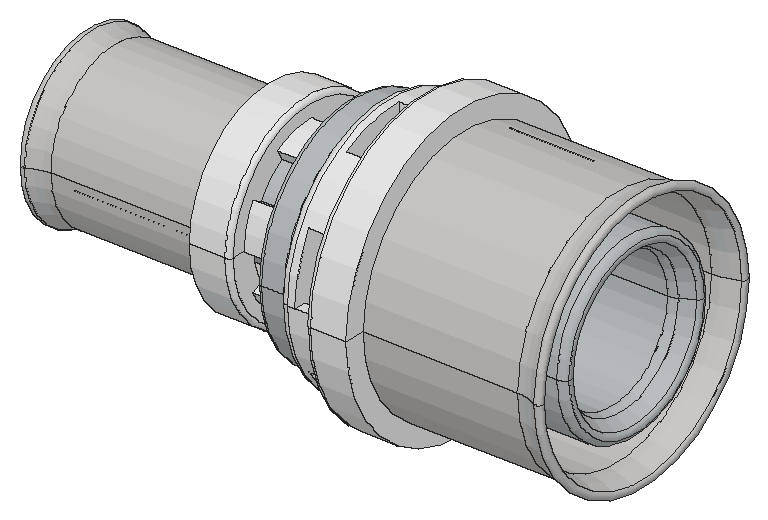
Revit family "VTm_203пп_СоединительПресс_ПрямойПереходной", category Соединительные детали трубопроводов, Revit 2017
Family settings
  Размер круглого соединителя = Использовать диаметр
  Тип детали = Переход
  На основе рабочей плоскости = Нет
  Всегда вертикально = Да
  При загрузке вырезать с полостями = Нет
  Общий = Нет
Parameters (values of type "все существующие типоразмеры подбираются автоматически")
  Стоимость = 0
  РадФаски = 0.53 mm  # constant formula
  РадТела [instance] = size_lookup(DB1, "ST3", 0.00 mm, DN1, DN2)  # 13.00 mm
  РадБазы [instance] = (DN1 + DN2) / 8  # 5.25 mm
  Описание = "Служит для соединения труб, разного диаметра, металлополимерных, или РЕХ, или PE труб от DN16 до DN40"  # constant formula
  Имя, размер [instance] = ADSK_Наименование  # "Соединитель пресс прямой 26х16 VTm.203"
  Вид2 [instance] = and(DN2 > DN1)  # yes
  Вид1 [instance] = and(DN1 > DN2)  # no
  Z [instance] = if(DN1 > DN2, 2 * DN1, 2 * DN2)  # 52.00 mm
  VT_Цена базовая [instance] = size_lookup(DB3, "ST1", 0, DN1, DN2)  # 245
  VT_symbol [instance] = Асфальт, дорожное покрытие
  VT_body = Цинк
  VT_ring = Пластмасса, непрозрачная, белая
  VT_sleeve = Нержавеющая сталь
  Комментарии к типоразмеру = "Модель разработана по заказу ВЕСТА Регионы, автор Михаил Кузьмин НПО Инкомис, правообладатель ВЕСТА Регионы"  # constant formula
  Изготовитель = "VALTEC"  # constant formula
  Гильза40 = VTm_203пп_Гильза_от_16_до_40 : 40
  Гильза32 = VTm_203пп_Гильза_от_16_до_40 : 32
  Гильза26 = VTm_203пп_Гильза_от_16_до_40 : 26
  Гильза20 = VTm_203пп_Гильза_от_16_до_40 : 20
  Гильза2 [instance] = if(DN2 = 16.00 mm, Гильза16, if(DN2 = 20.00 mm, Гильза20, if(DN2 = 26.00 mm, Гильза26, if(DN2 = 32.00 mm, Гильза32, Гильза40))))  # VTm_203пп_Гильза_от_16_до_40 : 26
  Гильза16 = VTm_203пп_Гильза_от_16_до_40 : 16
  Гильза1 [instance] = if(DN1 = 16.00 mm, Гильза16, if(DN1 = 20.00 mm, Гильза20, if(DN1 = 26.00 mm, Гильза26, if(DN1 = 32.00 mm, Гильза32, Гильза40))))  # VTm_203пп_Гильза_от_16_до_40 : 16
  URL = "http://valtec.ru/catalog/sistemy_metallopolimernyh_i_polimernyh_truboprovodov/press_fitingi/press_fiting_vtm203n.html"
  DN2 [instance] = 26.00 mm
  DN1 [instance] = 16.00 mm
  ТолщинаТела [instance] = size_lookup(DB1, "ST2", 0.00 mm, DN1, DN2)  # 3.50 mm
  ДлинаБазы [instance] = size_lookup(DB1, "ST1", 0.00 mm, DN1, DN2)  # 7.10 mm
  DB4 = "VTm_203пп_МассаТекст"  # constant formula
  DB3 = "VTm_203пп_Артикул_Цена"  # constant formula
  DB2 = "VTm_203пп_Позиция_Масса"  # constant formula
  DB1 = "VTm_203пп_Наименование_Размеры"  # constant formula
  ADSK_Примечание [instance] = ""
  ADSK_Позиция [instance] = size_lookup(DB2, "", "Такого типоразмера не существует", DN1, DN2)  # "203.2616"
  ADSK_Обозначение [instance] = size_lookup(DB3, "", "Такого типоразмера не существует", DN1, DN2)  # "VTm.203.N.002616"
  ADSK_Наименование [instance] = size_lookup(DB1, "", "Такого типоразмера не существует", DN1, DN2)  # "Соединитель пресс прямой 26х16 VTm.203"
  ADSK_Масса_Текст [instance] = size_lookup(DB4, "", " ", DN1, DN2)  # "0,093"
  ADSK_Масса [instance] = size_lookup(DB2, "m", 0, DN1, DN2)  # 0.093
  ADSK_Завод-изготовитель = "VALTEC"  # constant formula
  ADSK_Единица измерения = "шт"  # constant formula
  ADSK_Версия семейства = "01.01"  # constant formula
  ADSK_Версия Revit = "2017"  # constant formula
Reference planes
  plane 1 "По центру (Вперед/Назад)": y = 0
  plane 2: z = 0
  plane 3 "По центру (Влево/Вправо)": x = 0
  plane 4: x = -3.55
  plane 5: x = 3.55
  plane 6: x = -1.75
  plane 7: x = 1.75
  plane 8: y = -13
  plane 9: x = -19.55
  plane 10: x = -35.55
  plane 11: x = 29.55
  plane 12: x = 55.55
  plane 13: y = 16
  plane 14: y = -16
  plane 15: y = 26
  plane 16: y = -26
  plane 17: z = -0.4
  plane 18: z = 0.4
  plane 19: y = 52
  plane 20: y = -52
  plane 21: y = 13
Forms (mm)
  Extrusion 1, solid, not visible
    sketch origin (0, 0, 0) x (0, 1, 0) y (0, 0, 1)
      loop
        circle (0, 0) r 5.25
    from -3.55 to 3.55
  Revolve 2, solid, material "Цинк" <- "VT_body", detail levels fine
    sketch origin (0, 0, 0) x (1, 0, 0) y (0, 1, 0)
      loop
        line (-1.22, -13) -> (1.22, -13)
        arc (1.22, -13) -> (1.595, -12.845) -> (1.75, -12.47) r 0.53
        line (1.75, -12.47) -> (1.75, 0) -> (-1.75, 0) -> (-1.75, -12.47)
        arc (-1.75, -12.47) -> (-1.595, -12.845) -> (-1.22, -13) r 0.53
      axis (-1.75, 0) -> (1.75, 0)
    angle from 0 to 360
  Extrusion 3, solid, material "Асфальт, дорожное покрытие" <- "VT_symbol", visible <- "Вид1", detail levels coarse
    sketch origin (0, 0, 0) x (1, 0, 0) y (0, 1, 0)
      loop
        line (-35.55, 52) -> (-35.55, -52) -> (55.55, 0) -> (-35.55, 52)
    from -0.4 to 0.4
  Extrusion 4, solid, material "Асфальт, дорожное покрытие" <- "VT_symbol", visible <- "Вид2", detail levels coarse
    sketch origin (0, 0, 0) x (1, 0, 0) y (0, 1, 0)
      loop
        line (55.55, 52) -> (-35.55, 0) -> (55.55, -52) -> (55.55, 52)
    from -0.4 to 0.4
Lines and regions (mm)
  model lines, style "VT_symbol", detail levels medium
    curve 1: line (-35.55, 16, 0) -> (-3.55, -16, 0)
    curve 2: line (-35.55, -16, 0) -> (-3.55, 16, 0)
    curve 3: line (3.55, -26, 0) -> (55.55, 26, 0)
    curve 4: line (3.55, 26, 0) -> (55.55, -26, 0)
    curve 6: line (0, 13, 0) -> (0, -13, 0)
  model lines, style "PipeFittingCenterLine", detail levels fine
    curve 5: line (-3.55, 0, 0) -> (3.55, 0, 0)
Dimensions and locks
  equal spacing: plane 4, plane 3 "По центру (Влево/Вправо)", plane 5
  "ДлинаБазы": plane 4 to plane 5
  equal spacing: plane 6, plane 3 "По центру (Влево/Вправо)", plane 7
  "ТолщинаТела": plane 6 to plane 7
  "РадТела": plane 8 to plane 1 "По центру (Вперед/Назад)"
  equal spacing: plane 10, plane 9, plane 4
  equal spacing: plane 5, plane 11, plane 12
  "DN1": plane 9 to plane 4
  "DN2": plane 5 to plane 11
  equal spacing: plane 13, plane 1 "По центру (Вперед/Назад)", plane 14
  "DN1": plane 13 to plane 1 "По центру (Вперед/Назад)"
  equal spacing: plane 15, plane 1 "По центру (Вперед/Назад)", plane 16
  "DN2": plane 16 to plane 1 "По центру (Вперед/Назад)"
  equal spacing: plane 18, plane 2, plane 17, locked at 0.4 each
  plane 18 to plane 2 = 0.40 mm
  equal spacing: plane 19, plane 1 "По центру (Вперед/Назад)", plane 20
  "Z": plane 19 to plane 1 "По центру (Вперед/Назад)"
  equal spacing: plane 8, plane 1 "По центру (Вперед/Назад)", plane 21
  "РадБазы": radius of Extrusion 1 sketch curve
  "РадФаски": radius of Revolve 2 sketch curve  (x2)
  aligned and locked: level to plane 2
  aligned and locked: Extrusion 1 to plane 4
  aligned and locked: plane 5 to Extrusion 1
  aligned and locked: plane 1 "По центру (Вперед/Назад)" to Extrusion 1 sketch curve
  aligned and locked: plane 2 to Extrusion 1 sketch curve
  aligned and locked: nested 2 to plane 1 "По центру (Вперед/Назад)"
  aligned and locked: nested 1 to plane 1 "По центру (Вперед/Назад)"
  aligned and locked: plane 2 to nested 2
  aligned and locked: nested 1 to plane 2
  aligned and locked: Revolve 2 sketch curve to plane 7
  aligned and locked: plane 1 "По центру (Вперед/Назад)" to Revolve 2 sketch curve  (x2)
  aligned and locked: Revolve 2 sketch curve to plane 2
  aligned and locked: plane 7 to Revolve 2 sketch curve
  aligned and locked: plane 6 to Revolve 2 sketch curve  (x2)
  aligned and locked: Revolve 2 sketch curve to Revolve 2 sketch curve
  aligned and locked: plane 16 to curve 4
  aligned and locked: plane 12 to curve 4
  aligned and locked: curve 3 to plane 15
  aligned and locked: plane 12 to curve 3
  aligned and locked: plane 5 to curve 5
  aligned and locked: plane 4 to curve 5
  aligned and locked: plane 1 "По центру (Вперед/Назад)" to curve 5
  aligned and locked: plane 10 to Extrusion 3 sketch curve
  aligned and locked: plane 12 to Extrusion 3 sketch curve
  aligned and locked: plane 1 "По центру (Вперед/Назад)" to Extrusion 3 sketch curve
  aligned and locked: plane 19 to Extrusion 3 sketch curve
  aligned and locked: plane 20 to Extrusion 3 sketch curve
  aligned and locked: Extrusion 3 to plane 17
  aligned and locked: Extrusion 3 to plane 18
  aligned and locked: plane 12 to Extrusion 4 sketch curve
  aligned and locked: plane 20 to Extrusion 4 sketch curve
  aligned and locked: plane 19 to Extrusion 4 sketch curve
  aligned and locked: Extrusion 3 to Extrusion 4 sketch curve
  aligned and locked: Extrusion 4 to plane 18
  aligned and locked: Extrusion 4 to plane 17
  aligned and locked: nested 4 to plane 1 "По центру (Вперед/Назад)"
  aligned and locked: nested 3 to plane 1 "По центру (Вперед/Назад)"
  aligned and locked: nested 4 to plane 2
  aligned and locked: nested 3 to plane 2
  aligned and locked: Revolve 2 sketch curve to plane 8
  aligned and locked: plane 4 to curve 1
  aligned and locked: plane 14 to curve 1
  aligned and locked: plane 4 to curve 2
  aligned and locked: plane 13 to curve 2
  aligned and locked: curve 6 to plane 3 "По центру (Влево/Вправо)"
  aligned and locked: plane 8 to curve 6
  aligned and locked: plane 15 to curve 4
  aligned and locked: plane 5 to curve 4
  aligned and locked: plane 16 to curve 3
  aligned and locked: plane 5 to curve 3
Automatic sketch dimensions
  plane 4 to Revolve 2 sketch curve = 1.80 mm
  Revolve 2 sketch curve to plane 5 = 1.80 mm
  plane 1 "По центру (Вперед/Назад)" to Extrusion 4 sketch curve = 0.00 mm
  curve 2 to plane 10 = 0.00 mm
  curve 1 to plane 10 = 0.00 mm
  plane 14 to curve 2 = 0.00 mm
  plane 21 to curve 6 = 0.00 mm
  curve 1 to plane 13 = 0.00 mm
Nested families
  nested 1: "VTm_203пп_Гильза_от_16_до_40" at (3.55, 0, 0) x (0, 1, 0) z (1, 0, 0), type <- "Гильза2", type "26", detail levels fine
  nested 2: "VTm_203пп_Гильза_от_16_до_40" at (-3.55, 0, 0) x (0, 1, 0) z (-1, 0, 0), type <- "Гильза1", type "16", detail levels fine
  nested 3: "MarkR" at (-3.55, 0, 0) x (0, 1, 0) z (1, 0, 0), type "MarkR", not visible
  nested 4: "MarkR" at (3.55, 0, 0) x (0, 1, 0) z (1, 0, 0), type "MarkR", not visible
Connectors
  piping at (-3.55, 0, 0), diameter 16, driven by "DN1"
    settings: on Extrusion 1, index 1, connector inside diameter 609.6 mm, connector length 0.00 mm, flow factor 0, pipe flow 0.0 L/s, pressure drop 0.0 Pa, fitting loss kfactor 0, connector angle 0.00°, fixture units 0, engagement length 0.00 mm, angle of deflection 0.00°, flow configuration 0, flow direction 0, fitting loss method 0, system type 28, joint type 0, gender type 0, connector reference index 2, connector utility 0, adjustable connector no, is connector primary yes, connector description ""
  piping at (3.55, 0, 0), diameter 26, driven by "DN2"
    settings: on Extrusion 1, index 2, connector inside diameter 609.6 mm, connector length 0.00 mm, flow factor 0, pipe flow 0.0 L/s, pressure drop 0.0 Pa, fitting loss kfactor 0, connector angle 0.00°, fixture units 0, engagement length 0.00 mm, angle of deflection 0.00°, flow configuration 0, flow direction 0, fitting loss method 0, system type 28, joint type 0, gender type 0, connector reference index 1, connector utility 0, adjustable connector no, is connector primary no, connector description ""
Definition of nested family "VTm_203пп_Гильза_от_16_до_40"
  Parameters (values of type "16")
    ТолщСтенкТруб = 2.10 mm
    РегулировкаВысотГильз = 17.30 mm
    РадПерфНаруж = 9.30 mm
    РадПерфВнутр = РадПерфНаруж - 1.30 mm  # 8.00 mm
    РадГабаритКольца = 11.20 mm
    Default Elevation = 0.00 mm
    НарРадТруб = НарДиамТруб / 2  # 8.00 mm
    НарДиамТруб = 16.00 mm
    ВысотаОкон = 2.697 mm
    VT_body = none
    VT_ring = none
    VT_sleeve = none
  Types (5, lengths in mm): name | ТолщСтенкТруб | РегулировкаВысотГильз | РадПерфНаруж | РадПерфВнутр | РадГабаритКольца | НарРадТруб | НарДиамТруб | ВысотаОкон
    16 | 2.10 | 17.30 | 9.30 | 8.00 | 11.20 | 8.00 | 16.00 | 2.697
    20 | 2.10 | 17.35 | 11.45 | 10.15 | 13.20 | 10.05 | 20.10 | 2.697
    26 | 3.05 | 17.20 | 14.35 | 13.05 | 16.25 | 13.075 | 26.15 | 2.697
    32 | 3.10 | 16.80 | 17.30 | 16.00 | 19.40 | 16.175 | 32.35 | 2.697
    40 | 3.60 | 18.70 | 21.50 | 20.20 | 24.30 | 20.20 | 40.40 | 2.40
  Reference planes
    plane 1 "По центру (Вперед/Назад)": y = 0
    plane 2: z = 0
    plane 3 "По центру (Влево/Вправо)": x = 0
    plane 4: z = -1.8
    plane 5: z = 2.697
    plane 6: z = 7.197
    plane 7: x = -11.2
    plane 8: x = -9.3
    plane 9 "РадПерфВнутр": x = -8
    plane 10: through (0, 0, 1219.2) normal (-0.5, -0.866, 0)
    plane 11: through (0, 0, 1219.2) normal (-0.866, -0.5, 0)
    plane 12: through (0, 0, 1219.2) normal (-0.866, 0.5, 0)
    plane 13: through (0, 0, 1219.2) normal (-0.5, 0.866, 0)
    plane 14: x = -8.9
    plane 15: z = 24.497
    plane 16: z = 27.313
    plane 17: x = -5.9
    plane 18: x = -3.5
    plane 19 "РадНарТруб": x = -8
    plane 20: x = -13.75
  Forms (mm)
    Extrusion 1, solid, not visible
      sketch origin (0, 0, 0) x (1, 0, 0) y (0, 1, 0)
        loop
          line (-1219.2, 1219.2) -> (-1219.2, -1219.2) -> (1219.2, -1219.2) -> (1219.2, 1219.2) -> (-1219.2, 1219.2)
      from 0 to -304.8
    Revolve 2, solid, material <- "VT_ring"
      sketch origin (0, 0, 0) x (1, 0, 0) y (0, 0, 1)
        loop
          line (-8, 0) -> (-8, 2.697) -> (-9.3, 2.697) -> (-9.3, -0.817)
          arc (-9.3, -0.817) -> (-9.012, -1.512) -> (-8.317, -1.8) r 0.983
          line (-8.317, -1.8) -> (0, -1.8) -> (0, 0) -> (-8, 0)
        axis (0, 2.697) -> (0, -1.8)
      angle from 0 to 360
    Extrusion 3, void
      sketch origin (0, 0, 0) x (1, 0, 0) y (0, 1, 0)
        loop
          line (-9.3, 0) -> (-8, 0)
          arc (-8, 0) -> (-7.727, 2.071) -> (-6.928, 4) r 8
          line (-6.928, 4) -> (-8.054, 4.65)
          arc (-8.054, 4.65) -> (-8.983, 2.407) -> (-9.3, 0) r 9.3
        loop
          arc (-4, 6.928) -> (-2.071, 7.727) -> (0, 8) r 8
          line (0, 8) -> (0, 9.3)
          arc (0, 9.3) -> (-2.407, 8.983) -> (-4.65, 8.054) r 9.3
          line (-4.65, 8.054) -> (-4, 6.928)
        loop
          arc (4, 6.928) -> (5.657, 5.657) -> (6.928, 4) r 8
          line (6.928, 4) -> (8.054, 4.65)
          arc (8.054, 4.65) -> (6.576, 6.576) -> (4.65, 8.054) r 9.3
          line (4.65, 8.054) -> (4, 6.928)
        loop
          arc (8, 0) -> (7.727, -2.071) -> (6.928, -4) r 8
          line (6.928, -4) -> (8.054, -4.65)
          arc (8.054, -4.65) -> (8.983, -2.407) -> (9.3, 0) r 9.3
          line (9.3, 0) -> (8, 0)
        loop
          arc (4, -6.928) -> (2.071, -7.727) -> (0, -8) r 8
          line (0, -8) -> (0, -9.3)
          arc (0, -9.3) -> (2.407, -8.983) -> (4.65, -8.054) r 9.3
          line (4.65, -8.054) -> (4, -6.928)
        loop
          arc (-8.054, -4.65) -> (-6.576, -6.576) -> (-4.65, -8.054) r 9.3
          line (-4.65, -8.054) -> (-4, -6.928)
          arc (-4, -6.928) -> (-5.657, -5.657) -> (-6.928, -4) r 8
          line (-6.928, -4) -> (-8.054, -4.65)
      from 0 to 2.697
    Revolve 4, solid, material <- "VT_ring"
      sketch origin (0, 0, 0) x (1, 0, 0) y (0, 0, 1)
        loop
          line (-11.2, 7.197) -> (-11.2, 3.224)
          arc (-11.2, 3.224) -> (-11.046, 2.851) -> (-10.674, 2.697) r 0.526
          line (-10.674, 2.697) -> (-8, 2.697) -> (-8, 7.197) -> (-11.2, 7.197)
        axis (0, 2.697) -> (0, 7.197)
      angle from 0 to 360
    Revolve 5, solid, material <- "VT_sleeve"
      sketch origin (0, 0, 0) x (1, 0, 0) y (0, 0, 1)
        loop
          line (-8.9, 7.197) -> (-8, 7.197) -> (-8, 24.497)
          arc (-8, 24.497) -> (-8.187, 25.953) -> (-8.737, 27.313) r 5.75
          arc (-8.737, 27.313) -> (-9.35, 27.485) -> (-9.522, 26.873) r 0.45
          arc (-9.522, 26.873) -> (-9.058, 25.725) -> (-8.9, 24.497) r 4.85
          line (-8.9, 24.497) -> (-8.9, 7.197)
        axis (0, 27.313) -> (0, 7.197)
      angle from 0 to 360
    Revolve 6, solid, material <- "VT_body"
      sketch origin (0, 0, 0) x (1, 0, 0) y (0, 0, 1)
        loop
          line (-3.764, 24.955) -> (-4.576, 26.366)
          arc (-4.576, 26.366) -> (-4.898, 26.631) -> (-5.315, 26.617) r 0.591
          arc (-5.315, 26.617) -> (-5.74, 26.267) -> (-5.9, 25.739) r 0.951
          line (-5.9, 25.739) -> (-5.9, 0) -> (-3.5, 0) -> (-3.5, 23.969)
          arc (-3.5, 23.969) -> (-3.567, 24.479) -> (-3.764, 24.955) r 1.977
        axis (0, 26.617) -> (0, 0)
      angle from 0 to 360
  Cuts and joins
    Extrusion 3 cuts Revolve 2
  Dimensions and locks
    "РадГабаритКольца": plane 7 to plane 3 "По центру (Влево/Вправо)"
    "РадПерфНаруж": plane 8 to plane 3 "По центру (Влево/Вправо)"
    "РадПерфВнутр": plane 9 "РадПерфВнутр" to plane 3 "По центру (Влево/Вправо)"
    locked: plane 17 to plane 18 at 2.4
    "ТолщСтенкТруб": plane 19 "РадНарТруб" to plane 17
    "НарРадТруб": plane 19 "РадНарТруб" to plane 3 "По центру (Влево/Вправо)"
    locked: plane 14 to plane 19 "РадНарТруб" at 0.9
    "РегулировкаВысотГильз": plane 15 to plane 6
    locked: plane 16 to plane 15 at 2.816
    plane 16 to plane 4 = 29.113 mm
    locked: plane 19 "РадНарТруб" to plane 20 at 5.75
    locked: plane 6 to plane 5 at 4.5
    locked: plane 2 to plane 4 at 1.8
    "ВысотаОкон": plane 5 to plane 2
    "РадПерфВнутр": radius of Extrusion 3 sketch curve  (x6)
    "РадПерфНаруж": radius of Extrusion 3 sketch curve  (x6)
    aligned and locked: plane 2 to Extrusion 1
    aligned and locked: level to Extrusion 1
    aligned and locked: Revolve 2 sketch curve to plane 8
    aligned and locked: Revolve 2 sketch curve to plane 3 "По центру (Влево/Вправо)"
    aligned and locked: plane 2 to Revolve 2 sketch curve
    aligned and locked: plane 4 to Revolve 2 sketch curve  (x2)
    aligned and locked: Revolve 2 sketch curve to plane 2
    aligned and locked: Extrusion 3 sketch curve to plane 1 "По центру (Вперед/Назад)"
    aligned and locked: plane 10 to Extrusion 3 sketch curve
    aligned and locked: plane 3 "По центру (Влево/Вправо)" to Extrusion 3 sketch curve  (x13)
    aligned and locked: plane 1 "По центру (Вперед/Назад)" to Extrusion 3 sketch curve  (x13)
    aligned and locked: Extrusion 3 to plane 2
    aligned and locked: plane 5 to Extrusion 3
    aligned and locked: Revolve 2 sketch curve to plane 9 "РадПерфВнутр"
    aligned and locked: Revolve 2 sketch curve to plane 5
    aligned and locked: Extrusion 3 sketch curve to plane 11
    aligned and locked: Extrusion 3 sketch curve to plane 3 "По центру (Влево/Вправо)"
    aligned and locked: Extrusion 3 sketch curve to plane 12
    aligned and locked: plane 13 to Extrusion 3 sketch curve
    aligned and locked: Extrusion 3 sketch curve to plane 10
    aligned and locked: plane 11 to Extrusion 3 sketch curve
    aligned and locked: Extrusion 3 sketch curve to plane 13
    aligned and locked: plane 12 to Extrusion 3 sketch curve
    aligned and locked: plane 9 "РадПерфВнутр" to Revolve 4 sketch curve
    aligned and locked: plane 7 to Revolve 4 sketch curve
    aligned and locked: plane 6 to Revolve 4 sketch curve
    aligned and locked: Revolve 4 sketch curve to plane 5
    aligned and locked: plane 3 "По центру (Влево/Вправо)" to Revolve 4 sketch curve
    aligned and locked: plane 4 to Revolve 4 sketch curve
    aligned and locked: plane 2 to Revolve 4 sketch curve
    aligned and locked: Revolve 5 sketch curve to plane 3 "По центру (Влево/Вправо)"
    aligned and locked: plane 4 to Revolve 5 sketch curve
    aligned and locked: plane 2 to Revolve 5 sketch curve
    aligned and locked: Revolve 5 sketch curve to plane 14
    aligned and locked: Revolve 5 sketch curve to plane 6
    aligned and locked: Revolve 6 sketch curve to plane 2
    aligned and locked: plane 17 to Revolve 6 sketch curve
    aligned and locked: Revolve 6 sketch curve to plane 3 "По центру (Влево/Вправо)"
    aligned and locked: plane 4 to Revolve 6 sketch curve
    aligned and locked: plane 2 to Revolve 6 sketch curve
    aligned and locked: Revolve 6 sketch curve to plane 18
    aligned and locked: Revolve 5 sketch curve to plane 19 "РадНарТруб"
    aligned and locked: plane 20 to Revolve 5 sketch curve  (x2)
    aligned and locked: plane 15 to Revolve 5 sketch curve  (x2)
  Automatic sketch dimensions
    Extrusion 1 sketch curve to Extrusion 1 sketch curve = 2438.40 mm  (x2)
    Revolve 2 sketch curve to plane 3 "По центру (Влево/Вправо)" = 0.00 mm
    Revolve 2 sketch curve to plane 9 "РадПерфВнутр" = 0.317 mm
    Revolve 4 sketch curve to Revolve 4 sketch curve = 0.526 mm
    Revolve 5 sketch curve to plane 16 = 0.00 mm
    Revolve 5 sketch curve to Revolve 5 sketch curve = 0.00 mm  (x2)
    Revolve 6 sketch curve to plane 17 = 0.423 mm
    Revolve 6 sketch curve to plane 17 = 0.812 mm
    Revolve 6 sketch curve to Revolve 6 sketch curve = 0.139 mm
    Revolve 6 sketch curve to Revolve 6 sketch curve = 0.512 mm
    plane 18 to Revolve 6 sketch curve = 0.264 mm
    plane 15 to Revolve 6 sketch curve = 0.528 mm
    Revolve 6 sketch curve to Revolve 6 sketch curve = 0.332 mm
Definition of nested family "MarkR"
  Parameters (values of type "MarkR")
    Default Elevation = 0.00 mm
  Reference planes
    plane 1 "По центру (Вперед/Назад)": y = 0
    plane 2: z = 0
    plane 3 "По центру (Влево/Вправо)": x = 0
    plane 4: y = 0.437
    plane 5: x = -0.424
    plane 6: x = 0.424
    plane 7: y = -0.335
    plane 8: y = -0.62
    plane 9: y = 0.307
    plane 10: x = 0.537
    plane 11: x = -0.537
  Forms (mm)
    Extrusion 1, solid
      sketch origin (0, 0, 0) x (1, 0, 0) y (0, 1, 0)
        loop
          line (-1219.2, 1219.2) -> (-1219.2, -1219.2) -> (1219.2, -1219.2) -> (1219.2, 1219.2) -> (-1219.2, 1219.2)
      from 0 to -304.8
  Lines and regions (mm)
    model lines
      curve 1: circle (0, 0, 0) r 0.75 normal (0, 0, 1)
      curve 2: line (-0.537, 0.307, 0) -> (0, -0.62, 0)
      curve 3: line (0.537, 0.307, 0) -> (0, -0.62, 0)
      curve 4: line (0, -0.335, 0) -> (0, 0.437, 0)
      curve 5: line (-0.424, 0.437, 0) -> (0.424, 0.437, 0)
    model lines, not visible
      curve 6: circle (0, 0, 0) r 0.75 normal (0, 0, 1)
      curve 7: line (-0.537, 0.307, 0) -> (0, -0.62, 0)
      curve 8: line (0.537, 0.307, 0) -> (0, -0.62, 0)
      curve 9: line (0, -0.335, 0) -> (0, 0.437, 0)
      curve 10: line (-0.424, 0.437, 0) -> (0.424, 0.437, 0)
  Dimensions and locks
    locked: plane 4 to plane 1 "По центру (Вперед/Назад)" at 0.437
    locked: plane 7 to plane 1 "По центру (Вперед/Назад)" at 0.335
    locked: plane 9 to plane 1 "По центру (Вперед/Назад)" at 0.307
    locked: plane 8 to plane 1 "По центру (Вперед/Назад)" at 0.62
    equal spacing: plane 5, plane 3 "По центру (Влево/Вправо)", plane 6, locked at 0.424 each
    equal spacing: plane 11, plane 3 "По центру (Влево/Вправо)", plane 10, locked at 0.537 each
    aligned and locked: plane 2 to Extrusion 1
    aligned and locked: level to Extrusion 1
    aligned and locked: plane 2 to curve 1
    aligned and locked: plane 3 "По центру (Влево/Вправо)" to curve 1
    aligned and locked: plane 1 "По центру (Вперед/Назад)" to curve 1
  Automatic sketch dimensions
    Extrusion 1 sketch curve to Extrusion 1 sketch curve = 2438.40 mm  (x2)
